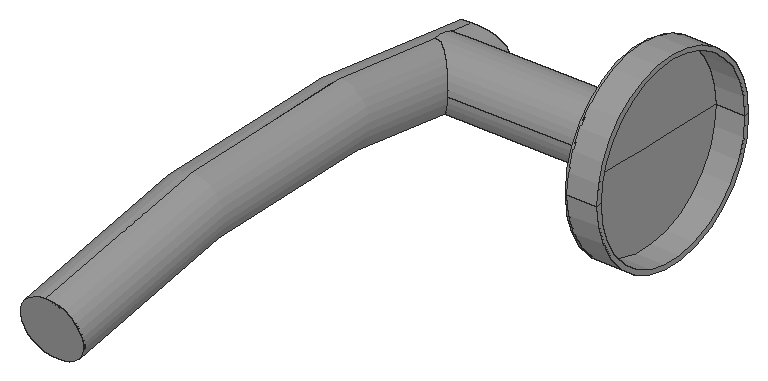
Revit family "TH 123", category Specialty Equipment, Revit 2012
Parameters
  Type Comments = "DORMA TH123"
  Model = "TH123"
  Manufacturer = "DORMA"
  Description = "DORMA TH123"
Reference planes
  plane 1 "Center (Front/Back)": y = 0
  plane 2: z = 0
  plane 3 "Center (Left/Right)": x = 0
Forms (mm)
  Revolve 1, solid, material "Matt chrome"
    sketch origin (-18.5, 0, 0) x (0, 1, 0) y (-1, 0, 0)
      loop
        line (0, 8) -> (0, 7) -> (21.536, 7) -> (21.536, 0) -> (22.536, 0) -> (22.536, 7.154)
        arc (22.536, 7.154) -> (22.288, 7.752) -> (21.69, 8) r 0.846
        line (21.69, 8) -> (0, 8)
      axis (0, 8) -> (0, 0)
    angle from 0 to 360
  Sweep 2, solid, material "Matt chrome"
    path origin (-26.34, -70.5, 0) x (0, -1, 0) y (1, 0, 0)
      loop
        line (-70.5, 0.84) -> (-70.5, -47.485)
    profile origin (-49.662, 0, 0) x (0, -1, 0) y (0, 0, 1)
      loop
        circle (0, 0) r 7.5
  Sweep 3, solid, material "Matt chrome"
    path origin (-73.825, 0, 8.281) x (0, 1, 0) y (0, 0, 1)
      loop
        arc (21.613, -13.008) -> (-47.11, -4.121) -> (-115.832, -13.008) r 270.163
    profile origin (-73.825, -47.11, 4.16) x (0, 0, -1) y (1, 0, 0)
      loop
        circle (0, 0) r 7.5
  Sweep 4, void
    path origin (0, -2.188, 0) x (1, 0, 0) y (0, 1, 0)
      loop
        line (-60.74, 10.102) -> (-97.771, 10.102)
    profile origin (-79.256, 7.915, 0) x (0, -1, 0) y (0, 0, 1)
      loop
        line (-0.966, 6.181) -> (-17.226, 6.181) -> (-14.098, -13.573) -> (2.819, -10.894)
        arc (2.819, -10.894) -> (-3.979, -3.444) -> (-0.966, 6.181) r 10.121
Cuts and joins
  joined: Revolve 1, Sweep 2
  Sweep 4 cuts Sweep 3
Dimensions and locks
  aligned and locked: level to plane 2
